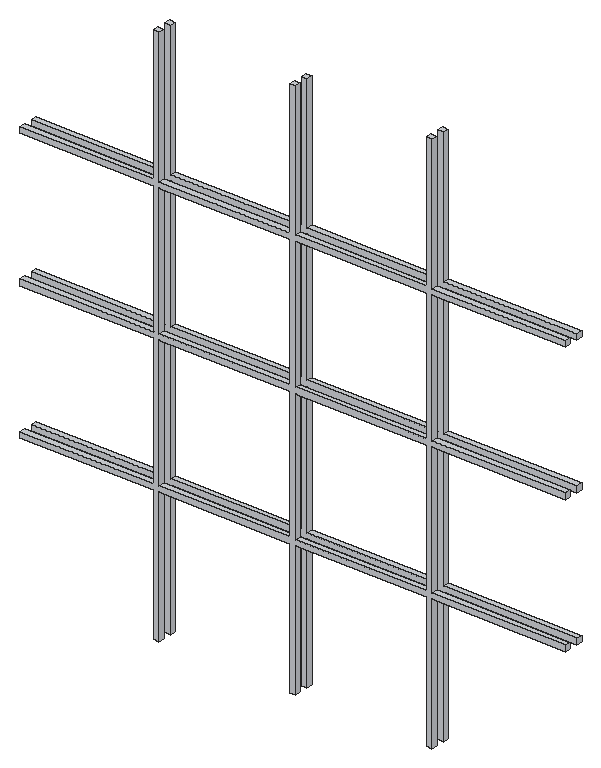
Revit family "49a64a632ed64433b4467a1898889430", category Generic Models, Revit 2021
Family settings
  Can host rebar = No
  Round Connector Dimension = Use Diameter
  Part Type = Normal
  Work Plane-Based = No
  Always vertical = Yes
  Cut with Voids When Loaded = No
  Shared = Yes
  Room Calculation Point = No
Parameters
  Width [instance] = 4' - 0"
  Thickness = 0' - 0 1/2"
  Height [instance] = 4' - 0"
  Interior Material [instance] = none
  Exterior Material [instance] = none
  Distance = 0' - 0 3/4"
  Default Elevation = 0' - 0"
Reference planes (in)
  plane 1 "Center (Front/Back)": y = 0
  plane 2: z = 0
  plane 3 "Center (Left/Right)": x = 0
  plane 4: z = 48
  plane 5: x = -24
  plane 6: x = 24
  plane 7 "a": y = 0.375
  plane 8 "b": y = -0.375
  plane 9: x = -0.25
  plane 10: x = 0.25
  plane 11: x = -12
  plane 12: x = 12
  plane 13: x = -12.25
  plane 14: x = -11.75
  plane 15: x = 11.75
  plane 16: x = 12.25
  plane 17: y = 0.875
  plane 18: y = -0.875
  plane 19: z = 12
  plane 20: z = 12.25
  plane 21: z = 11.75
  plane 22: z = 24
  plane 23: z = 24.25
  plane 24: z = 23.75
  plane 25: z = 36
  plane 26: z = 36.25
  plane 27: z = 35.75
Forms (in)
  Extrusion 1, solid, material <- "Exterior Material", detail levels fine
    sketch origin (0, 0.375, 0) x (-1, 0, 0) y (0, 0, 1)
      loop
        line (12.25, 48) -> (11.75, 48) -> (11.75, 36.25) -> (0.25, 36.25) -> (0.25, 48) -> (-0.25, 48) -> (-0.25, 36.25) -> (-11.75, 36.25) -> (-11.75, 48) -> (-12.25, 48) -> (-12.25, 36.25) -> (-24, 36.25) -> (-24, 35.75) -> (-12.25, 35.75) -> (-12.25, 24.25) -> (-24, 24.25) -> (-24, 23.75) -> (-12.25, 23.75) -> (-12.25, 12.25) -> (-24, 12.25) -> (-24, 11.75) -> (-12.25, 11.75) -> (-12.25, 0) -> (-11.75, 0) -> (-11.75, 11.75) -> (-0.25, 11.75) -> (-0.25, 0) -> (0.25, 0) -> (0.25, 11.75) -> (11.75, 11.75) -> (11.75, 0) -> (12.25, 0) -> (12.25, 11.75) -> (24, 11.75) -> (24, 12.25) -> (12.25, 12.25) -> (12.25, 23.75) -> (24, 23.75) -> (24, 24.25) -> (12.25, 24.25) -> (12.25, 35.75) -> (24, 35.75) -> (24, 36.25) -> (12.25, 36.25) -> (12.25, 48)
      loop
        line (11.75, 12.25) -> (11.75, 23.75) -> (0.25, 23.75) -> (0.25, 12.25) -> (11.75, 12.25)
      loop
        line (-0.25, 12.25) -> (-0.25, 23.75) -> (-11.75, 23.75) -> (-11.75, 12.25) -> (-0.25, 12.25)
      loop
        line (11.75, 24.25) -> (11.75, 35.75) -> (0.25, 35.75) -> (0.25, 24.25) -> (11.75, 24.25)
      loop
        line (-0.25, 24.25) -> (-0.25, 35.75) -> (-11.75, 35.75) -> (-11.75, 24.25) -> (-0.25, 24.25)
    from 0 to 0.5
  Extrusion 2, solid, material <- "Interior Material", detail levels fine
    sketch origin (0, -0.375, 0) x (-1, 0, 0) y (0, 0, 1)
      loop
        line (12.25, 48) -> (11.75, 48) -> (11.75, 36.25) -> (0.25, 36.25) -> (0.25, 48) -> (-0.25, 48) -> (-0.25, 36.25) -> (-11.75, 36.25) -> (-11.75, 48) -> (-12.25, 48) -> (-12.25, 36.25) -> (-24, 36.25) -> (-24, 35.75) -> (-12.25, 35.75) -> (-12.25, 24.25) -> (-24, 24.25) -> (-24, 23.75) -> (-12.25, 23.75) -> (-12.25, 12.25) -> (-24, 12.25) -> (-24, 11.75) -> (-12.25, 11.75) -> (-12.25, 0) -> (-11.75, 0) -> (-11.75, 11.75) -> (-0.25, 11.75) -> (-0.25, 0) -> (0.25, 0) -> (0.25, 11.75) -> (11.75, 11.75) -> (11.75, 0) -> (12.25, 0) -> (12.25, 11.75) -> (24, 11.75) -> (24, 12.25) -> (12.25, 12.25) -> (12.25, 23.75) -> (24, 23.75) -> (24, 24.25) -> (12.25, 24.25) -> (12.25, 35.75) -> (24, 35.75) -> (24, 36.25) -> (12.25, 36.25) -> (12.25, 48)
      loop
        line (11.75, 12.25) -> (11.75, 23.75) -> (0.25, 23.75) -> (0.25, 12.25) -> (11.75, 12.25)
      loop
        line (-0.25, 12.25) -> (-0.25, 23.75) -> (-11.75, 23.75) -> (-11.75, 12.25) -> (-0.25, 12.25)
      loop
        line (11.75, 24.25) -> (11.75, 35.75) -> (0.25, 35.75) -> (0.25, 24.25) -> (11.75, 24.25)
      loop
        line (-0.25, 24.25) -> (-0.25, 35.75) -> (-11.75, 35.75) -> (-11.75, 24.25) -> (-0.25, 24.25)
    from 0 to -0.5
Lines and regions (in)
  model lines, detail levels medium
    curve 1: line (0, 0.375, 48) -> (0, 0.375, 0)
    curve 2: line (-12, 0.375, 48) -> (-12, 0.375, 0)
    curve 3: line (12, 0.375, 48) -> (12, 0.375, 0)
    curve 4: line (0, -0.375, 48) -> (0, -0.375, 0)
    curve 5: line (-12, -0.375, 48) -> (-12, -0.375, 0)
    curve 6: line (12, -0.375, 48) -> (12, -0.375, 0)
    curve 7: line (-24, 0.375, 12) -> (24, 0.375, 12)
    curve 8: line (-24, -0.375, 12) -> (24, -0.375, 12)
    curve 9: line (-24, 0.375, 24) -> (24, 0.375, 24)
    curve 10: line (-24, -0.375, 24) -> (24, -0.375, 24)
    curve 11: line (-24, -0.375, 36) -> (24, -0.375, 36)
    curve 12: line (-24, 0.375, 36) -> (24, 0.375, 36)
Dimensions and locks (in)
  equal spacing: plane 6, plane 3 "Center (Left/Right)", plane 5
  "Width": plane 6 to plane 5
  "Height": plane 4 to plane 2
  equal spacing: plane 7 "a", plane 1 "Center (Front/Back)", plane 8 "b"
  "Distance": plane 7 "a" to plane 8 "b"
  equal spacing: plane 3 "Center (Left/Right)", plane 11, plane 5
  equal spacing: plane 6, plane 12, plane 3 "Center (Left/Right)"
  locked: plane 9 to plane 3 "Center (Left/Right)" at 0.25
  locked: plane 10 to plane 3 "Center (Left/Right)" at 0.25
  locked: plane 11 to plane 13 at 0.25
  locked: plane 14 to plane 11 at 0.25
  locked: plane 12 to plane 15 at 0.25
  locked: plane 16 to plane 12 at 0.25
  "Thickness": plane 17 to plane 7 "a"
  "Thickness": plane 8 "b" to plane 18
  locked: plane 20 to plane 19 at 0.25
  locked: plane 19 to plane 21 at 0.25
  locked: plane 23 to plane 22 at 0.25
  locked: plane 22 to plane 24 at 0.25
  locked: plane 26 to plane 25 at 0.25
  locked: plane 25 to plane 27 at 0.25
  equal spacing: plane 4, plane 25, plane 22, plane 19, plane 2
  aligned and locked: plane 2 to level
  aligned and locked: plane 4 to curve 1
  aligned and locked: plane 2 to curve 1
  aligned and locked: plane 13 to Extrusion 1 sketch curve
  aligned and locked: plane 4 to Extrusion 1 sketch curve  (x3)
  aligned and locked: plane 14 to Extrusion 1 sketch curve
  aligned and locked: plane 2 to Extrusion 1 sketch curve  (x3)
  aligned and locked: plane 9 to Extrusion 1 sketch curve
  aligned and locked: plane 10 to Extrusion 1 sketch curve
  aligned and locked: plane 15 to Extrusion 1 sketch curve
  aligned and locked: plane 16 to Extrusion 1 sketch curve
  aligned and locked: plane 11 to curve 2
  aligned and locked: plane 12 to curve 3
  aligned and locked: plane 2 to curve 2
  aligned and locked: plane 2 to curve 3
  aligned and locked: plane 4 to curve 3
  aligned and locked: plane 4 to curve 2
  aligned and locked: Extrusion 1 to plane 17
  aligned and locked: Extrusion 2 to plane 18
  aligned and locked: plane 20 to Extrusion 2 sketch curve
  aligned and locked: plane 21 to Extrusion 2 sketch curve
  aligned and locked: plane 5 to Extrusion 2 sketch curve  (x3)
  aligned and locked: plane 6 to Extrusion 2 sketch curve  (x3)
  aligned and locked: plane 5 to Extrusion 1 sketch curve  (x3)
  aligned and locked: plane 20 to Extrusion 1 sketch curve
  aligned and locked: plane 21 to Extrusion 1 sketch curve
  aligned and locked: plane 6 to Extrusion 1 sketch curve  (x3)
  aligned and locked: plane 19 to curve 7
  aligned and locked: plane 6 to curve 7
  aligned and locked: plane 5 to curve 7
  aligned and locked: plane 19 to curve 8
  aligned and locked: plane 6 to curve 8
  aligned and locked: plane 5 to curve 8
  aligned and locked: plane 23 to Extrusion 2 sketch curve
  aligned and locked: plane 24 to Extrusion 2 sketch curve
  aligned and locked: plane 23 to Extrusion 1 sketch curve
  aligned and locked: plane 24 to Extrusion 1 sketch curve
  aligned and locked: plane 22 to curve 9
  aligned and locked: plane 6 to curve 9
  aligned and locked: plane 5 to curve 9
  aligned and locked: plane 22 to curve 10
  aligned and locked: plane 6 to curve 10
  aligned and locked: plane 5 to curve 10
  aligned and locked: plane 26 to Extrusion 2 sketch curve
  aligned and locked: plane 27 to Extrusion 2 sketch curve
  aligned and locked: plane 26 to Extrusion 1 sketch curve
  aligned and locked: plane 27 to Extrusion 1 sketch curve
  aligned and locked: plane 25 to curve 11
  aligned and locked: plane 6 to curve 11
  aligned and locked: plane 5 to curve 11
  aligned and locked: plane 25 to curve 12
  aligned and locked: plane 6 to curve 12
  aligned and locked: plane 5 to curve 12
Automatic sketch dimensions
  curve 1 to plane 3 "Center (Left/Right)" = 0' - 0"
  Extrusion 2 sketch curve to plane 4 = 0' - 0"  (x3)
  Extrusion 2 sketch curve to plane 16 = 0' - 0"  (x4)
  Extrusion 2 sketch curve to plane 15 = 0' - 0"  (x4)
  Extrusion 2 sketch curve to level = 0' - 0"  (x3)
  plane 10 to Extrusion 2 sketch curve = 0' - 0"  (x4)
  plane 9 to Extrusion 2 sketch curve = 0' - 0"  (x4)
  Extrusion 2 sketch curve to plane 14 = 0' - 0"  (x4)
  Extrusion 2 sketch curve to plane 13 = 0' - 0"  (x4)
  curve 6 to level = 0' - 0"
  curve 6 to plane 12 = 0' - 0"
  curve 4 to level = 0' - 0"
  curve 4 to plane 3 "Center (Left/Right)" = 0' - 0"
  curve 5 to level = 0' - 0"
  curve 5 to plane 11 = 0' - 0"
  curve 6 to plane 4 = 0' - 0"
  curve 5 to plane 4 = 0' - 0"
  curve 4 to plane 4 = 0' - 0"
  Extrusion 2 sketch curve to plane 20 = 0' - 0"  (x3)
  Extrusion 2 sketch curve to plane 21 = 0' - 0"  (x3)
  Extrusion 2 sketch curve to plane 24 = 0' - 0"  (x3)
  Extrusion 2 sketch curve to plane 23 = 0' - 0"  (x3)
  Extrusion 1 sketch curve to plane 16 = 0' - 0"  (x3)
  Extrusion 1 sketch curve to plane 15 = 0' - 0"  (x3)
  plane 10 to Extrusion 1 sketch curve = 0' - 0"  (x3)
  plane 9 to Extrusion 1 sketch curve = 0' - 0"  (x3)
  Extrusion 1 sketch curve to plane 14 = 0' - 0"  (x3)
  Extrusion 1 sketch curve to plane 13 = 0' - 0"  (x3)
  Extrusion 1 sketch curve to plane 21 = 0' - 0"  (x3)
  Extrusion 1 sketch curve to plane 20 = 0' - 0"  (x3)
  Extrusion 1 sketch curve to plane 24 = 0' - 0"  (x3)
  Extrusion 1 sketch curve to plane 23 = 0' - 0"  (x3)
  Extrusion 2 sketch curve to plane 26 = 0' - 0"  (x3)
  Extrusion 2 sketch curve to plane 27 = 0' - 0"  (x3)
  Extrusion 1 sketch curve to plane 26 = 0' - 0"  (x3)
  Extrusion 1 sketch curve to plane 27 = 0' - 0"  (x3)
